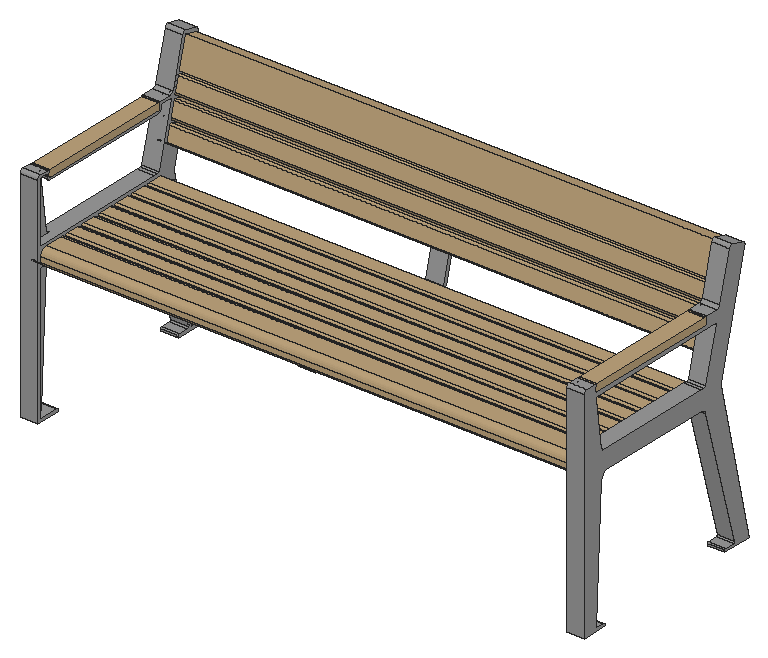
Revit family "L-FUR_벤치_DWB-210_데오스웍스", category 일반 모델, Revit 2019 (continued)
Definition of nested family "L-FUR_벤치_DWB-210_데"
  Forms (mm)
    Extrusion 26, solid, not visible
      sketch origin (-1550, 0, 0) x (0, 1, 0) y (0, 0, 1)
        loop
          arc (5843.536, -1341.304) -> (5842.657, -1339.183) -> (5840.536, -1338.304) r 3
          line (5840.536, -1338.304) -> (5456.536, -1338.304)
      from 50 to 2
    Extrusion 27, solid, not visible
      sketch origin (-1475, 764.3, -7872.567) x (0, 1, 0) y (0, 0, 1)
        loop
          arc (5440.536, -1524.304) -> (5426.394, -1530.162) -> (5420.536, -1544.304) r 20
          line (5420.536, -1544.304) -> (5420.536, -1559.304)
          arc (5420.536, -1559.304) -> (5422, -1562.84) -> (5425.536, -1564.304) r 5
          line (5425.536, -1564.304) -> (5495.536, -1564.304)
          arc (5495.536, -1564.304) -> (5499.072, -1562.84) -> (5500.536, -1559.304) r 5
          line (5500.536, -1559.304) -> (5500.536, -1529.304)
          arc (5500.536, -1529.304) -> (5499.072, -1525.769) -> (5495.536, -1524.304) r 5
          line (5495.536, -1524.304) -> (5440.536, -1524.304)
        loop
          line (5532.036, -1564.304) -> (5535.036, -1564.304) -> (5553.536, -1564.304)
          arc (5553.536, -1564.304) -> (5557.072, -1562.84) -> (5558.536, -1559.304) r 5
          line (5558.536, -1559.304) -> (5558.536, -1529.304)
          arc (5558.536, -1529.304) -> (5557.072, -1525.769) -> (5553.536, -1524.304) r 5
          line (5553.536, -1524.304) -> (5513.536, -1524.304)
          arc (5513.536, -1524.304) -> (5510, -1525.769) -> (5508.536, -1529.304) r 5
          line (5508.536, -1529.304) -> (5508.536, -1559.304)
          arc (5508.536, -1559.304) -> (5510, -1562.84) -> (5513.536, -1564.304) r 5
          line (5513.536, -1564.304) -> (5532.036, -1564.304)
        loop
          line (5590.036, -1564.304) -> (5593.036, -1564.304) -> (5611.536, -1564.304)
          arc (5611.536, -1564.304) -> (5615.072, -1562.84) -> (5616.536, -1559.304) r 5
          line (5616.536, -1559.304) -> (5616.536, -1529.304)
          arc (5616.536, -1529.304) -> (5615.072, -1525.769) -> (5611.536, -1524.304) r 5
          line (5611.536, -1524.304) -> (5571.536, -1524.304)
          arc (5571.536, -1524.304) -> (5568, -1525.769) -> (5566.536, -1529.304) r 5
          line (5566.536, -1529.304) -> (5566.536, -1559.304)
          arc (5566.536, -1559.304) -> (5568, -1562.84) -> (5571.536, -1564.304) r 5
          line (5571.536, -1564.304) -> (5590.036, -1564.304)
        loop
          line (5648.036, -1564.304) -> (5651.036, -1564.304) -> (5669.536, -1564.304)
          arc (5669.536, -1564.304) -> (5673.072, -1562.84) -> (5674.536, -1559.304) r 5
          line (5674.536, -1559.304) -> (5674.536, -1529.304)
          arc (5674.536, -1529.304) -> (5673.072, -1525.769) -> (5669.536, -1524.304) r 5
          line (5669.536, -1524.304) -> (5629.536, -1524.304)
          arc (5629.536, -1524.304) -> (5626, -1525.769) -> (5624.536, -1529.304) r 5
          line (5624.536, -1529.304) -> (5624.536, -1559.304)
          arc (5624.536, -1559.304) -> (5626, -1562.84) -> (5629.536, -1564.304) r 5
          line (5629.536, -1564.304) -> (5648.036, -1564.304)
        loop
          line (5706.036, -1564.304) -> (5709.036, -1564.304) -> (5727.536, -1564.304)
          arc (5727.536, -1564.304) -> (5731.072, -1562.84) -> (5732.536, -1559.304) r 5
          line (5732.536, -1559.304) -> (5732.536, -1529.304)
          arc (5732.536, -1529.304) -> (5731.072, -1525.769) -> (5727.536, -1524.304) r 5
          line (5727.536, -1524.304) -> (5687.536, -1524.304)
          arc (5687.536, -1524.304) -> (5684, -1525.769) -> (5682.536, -1529.304) r 5
          line (5682.536, -1529.304) -> (5682.536, -1559.304)
          arc (5682.536, -1559.304) -> (5684, -1562.84) -> (5687.536, -1564.304) r 5
          line (5687.536, -1564.304) -> (5706.036, -1564.304)
        loop
          line (5764.036, -1564.304) -> (5767.036, -1564.304) -> (5785.536, -1564.304)
          arc (5785.536, -1564.304) -> (5789.072, -1562.84) -> (5790.536, -1559.304) r 5
          line (5790.536, -1559.304) -> (5790.536, -1529.304)
          arc (5790.536, -1529.304) -> (5789.072, -1525.769) -> (5785.536, -1524.304) r 5
          line (5785.536, -1524.304) -> (5745.536, -1524.304)
          arc (5745.536, -1524.304) -> (5742, -1525.769) -> (5740.536, -1529.304) r 5
          line (5740.536, -1529.304) -> (5740.536, -1559.304)
          arc (5740.536, -1559.304) -> (5742, -1562.84) -> (5745.536, -1564.304) r 5
          line (5745.536, -1564.304) -> (5764.036, -1564.304)
        loop
          line (5822.036, -1564.304) -> (5825.036, -1564.304) -> (5843.536, -1564.304)
          arc (5843.536, -1564.304) -> (5847.072, -1562.84) -> (5848.536, -1559.304) r 5
          line (5848.536, -1559.304) -> (5848.536, -1529.304)
          arc (5848.536, -1529.304) -> (5847.072, -1525.769) -> (5843.536, -1524.304) r 5
          line (5843.536, -1524.304) -> (5803.536, -1524.304)
          arc (5803.536, -1524.304) -> (5800, -1525.769) -> (5798.536, -1529.304) r 5
          line (5798.536, -1529.304) -> (5798.536, -1559.304)
          arc (5798.536, -1559.304) -> (5800, -1562.84) -> (5803.536, -1564.304) r 5
          line (5803.536, -1564.304) -> (5822.036, -1564.304)
        loop
          line (5911.651, -1441.828) -> (5912.427, -1438.93) -> (5917.215, -1421.06)
          arc (5917.215, -1421.06) -> (5916.716, -1417.266) -> (5913.68, -1414.937) r 5
          line (5913.68, -1414.937) -> (5884.702, -1407.172)
          arc (5884.702, -1407.172) -> (5880.908, -1407.672) -> (5878.578, -1410.708) r 5
          line (5878.578, -1410.708) -> (5868.225, -1449.345)
          arc (5868.225, -1449.345) -> (5868.725, -1453.139) -> (5871.761, -1455.468) r 5
          line (5871.761, -1455.468) -> (5900.739, -1463.233)
          arc (5900.739, -1463.233) -> (5904.533, -1462.733) -> (5906.862, -1459.697) r 5
          line (5906.862, -1459.697) -> (5911.651, -1441.828)
        loop
          line (5926.662, -1385.804) -> (5927.438, -1382.906) -> (5932.227, -1365.037)
          arc (5932.227, -1365.037) -> (5931.727, -1361.243) -> (5928.691, -1358.913) r 5
          line (5928.691, -1358.913) -> (5899.713, -1351.148)
          arc (5899.713, -1351.148) -> (5895.919, -1351.648) -> (5893.59, -1354.684) r 5
          line (5893.59, -1354.684) -> (5883.237, -1393.321)
          arc (5883.237, -1393.321) -> (5883.736, -1397.115) -> (5886.772, -1399.445) r 5
          line (5886.772, -1399.445) -> (5915.75, -1407.209)
          arc (5915.75, -1407.209) -> (5919.544, -1406.71) -> (5921.874, -1403.674) r 5
          line (5921.874, -1403.674) -> (5926.662, -1385.804)
        loop
          line (5941.674, -1329.78) -> (5942.45, -1326.883) -> (5947.238, -1309.013)
          arc (5947.238, -1309.013) -> (5946.739, -1305.219) -> (5943.703, -1302.889) r 5
          line (5943.703, -1302.889) -> (5914.725, -1295.125)
          arc (5914.725, -1295.125) -> (5910.931, -1295.624) -> (5908.601, -1298.66) r 5
          line (5908.601, -1298.66) -> (5898.248, -1337.297)
          arc (5898.248, -1337.297) -> (5898.748, -1341.091) -> (5901.784, -1343.421) r 5
          line (5901.784, -1343.421) -> (5930.762, -1351.185)
          arc (5930.762, -1351.185) -> (5934.556, -1350.686) -> (5936.885, -1347.65) r 5
          line (5936.885, -1347.65) -> (5941.674, -1329.78)
      from -50 to 1500
    Extrusion 28, solid, not visible
      sketch origin (-1757.591, 6904.295, -8462.201) x (1, 0, 0) y (0, 0.258819, 0.965926)
        loop
          line (232.591, -731.755) -> (1782.591, -731.755) -> (1782.591, -641.755)
          arc (1782.591, -641.755) -> (1007.506, -611.788) -> (232.591, -645.896) r 9390
          line (232.591, -645.896) -> (232.591, -731.755)
      from 0 to 40
    Extrusion 29, solid, not visible
      sketch origin (0, 764.3, -7872.567) x (0, 1, 0) y (0, 0, 1)
        loop
          line (5413.536, -1348.304) -> (5413.536, -1966.304) -> (5483.943, -1966.304) -> (5483.943, -1961.304)
          arc (5483.943, -1961.304) -> (5483.064, -1959.183) -> (5480.943, -1958.304) r 3
          line (5480.943, -1958.304) -> (5453.943, -1958.304) -> (5472.57, -1590.288)
          arc (5472.57, -1590.288) -> (5478.766, -1576.807) -> (5492.544, -1571.304) r 20
          line (5492.544, -1571.304) -> (5825.084, -1571.304)
          arc (5825.084, -1571.304) -> (5836.369, -1574.792) -> (5843.718, -1584.038) r 20
          line (5843.718, -1584.038) -> (5947.286, -1954.214)
          arc (5947.286, -1954.214) -> (5946.968, -1956.997) -> (5944.491, -1958.304) r 3
          line (5944.491, -1958.304) -> (5915.001, -1958.304)
          arc (5915.001, -1958.304) -> (5912.879, -1959.183) -> (5912.001, -1961.304) r 3
          line (5912.001, -1961.304) -> (5912.001, -1966.304) -> (5993.536, -1966.304) -> (5895.432, -1535.512)
          arc (5895.432, -1535.512) -> (5894.963, -1532.71) -> (5895.301, -1529.889) r 10
          line (5895.301, -1529.889) -> (5978.07, -1220.994) -> (5979.105, -1217.13)
          arc (5979.105, -1217.13) -> (5978.947, -1210.378) -> (5975.167, -1204.781) r 12
          line (5975.167, -1204.781) -> (5936.746, -1194.486)
          arc (5936.746, -1194.486) -> (5931.311, -1197.231) -> (5928.17, -1202.447) r 11
          line (5928.17, -1202.447) -> (5893.753, -1330.892)
          arc (5893.753, -1330.892) -> (5890.181, -1336.238) -> (5884.094, -1338.304) r 10
          line (5884.094, -1338.304) -> (5846.536, -1338.304)
          arc (5846.536, -1338.304) -> (5844.415, -1339.183) -> (5843.536, -1341.304) r 3
          line (5843.536, -1341.304) -> (5843.536, -1353.304)
          arc (5843.536, -1353.304) -> (5842.072, -1356.84) -> (5838.536, -1358.304) r 5
          line (5838.536, -1358.304) -> (5458.536, -1358.304)
          arc (5458.536, -1358.304) -> (5455, -1356.84) -> (5453.536, -1353.304) r 5
          line (5453.536, -1353.304) -> (5453.536, -1341.304)
          arc (5453.536, -1341.304) -> (5452.657, -1339.183) -> (5450.536, -1338.304) r 3
          line (5450.536, -1338.304) -> (5423.536, -1338.304)
          arc (5423.536, -1338.304) -> (5416.465, -1341.233) -> (5413.536, -1348.304) r 10
        loop
          line (5482.428, -1518.304) -> (5828.837, -1518.304) -> (5839.699, -1518.304)
          arc (5839.699, -1518.304) -> (5842.743, -1517.271) -> (5844.529, -1514.598) r 5
          line (5844.529, -1514.598) -> (5881.774, -1375.598)
          arc (5881.774, -1375.598) -> (5880.911, -1371.26) -> (5876.944, -1369.304) r 5
          line (5876.944, -1369.304) -> (5459.276, -1369.304)
          arc (5459.276, -1369.304) -> (5455.54, -1370.982) -> (5454.311, -1374.888) r 5
          line (5454.311, -1374.888) -> (5472.519, -1509.643)
          arc (5472.519, -1509.643) -> (5475.848, -1515.834) -> (5482.428, -1518.304) r 10
      from 0 to 50
    Extrusion 30, void, not visible
      sketch origin (0, 764.3, -7872.567) x (0, 1, 0) y (0, 0, 1)
        loop
          arc (5954.683, -1954.658) -> (5956.477, -1957.29) -> (5959.496, -1958.304) r 5
          line (5959.496, -1958.304) -> (5978.252, -1958.304)
          arc (5978.252, -1958.304) -> (5982.162, -1956.421) -> (5983.126, -1952.189) r 5
          line (5983.126, -1952.189) -> (5890.805, -1546.671) -> (5889.566, -1551.292)
          arc (5889.566, -1551.292) -> (5879.923, -1565.725) -> (5863.486, -1571.304) r 27
          line (5863.486, -1571.304) -> (5843.223, -1571.304)
          arc (5843.223, -1571.304) -> (5847.426, -1576.144) -> (5850.371, -1581.838) r 27
          line (5850.371, -1581.838) -> (5954.683, -1954.658)
        loop
          line (5420.536, -1576.304) -> (5420.536, -1955.304)
          arc (5420.536, -1955.304) -> (5421.415, -1957.426) -> (5423.536, -1958.304) r 3
          line (5423.536, -1958.304) -> (5453.943, -1958.304) -> (5472.57, -1590.288)
          arc (5472.57, -1590.288) -> (5478.766, -1576.807) -> (5492.544, -1571.304) r 20
          line (5492.544, -1571.304) -> (5425.536, -1571.304)
          arc (5425.536, -1571.304) -> (5422, -1572.769) -> (5420.536, -1576.304) r 5
        loop
          arc (5420.536, -1513.304) -> (5422, -1516.84) -> (5425.536, -1518.304) r 5
          line (5425.536, -1518.304) -> (5482.428, -1518.304)
          arc (5482.428, -1518.304) -> (5475.848, -1515.834) -> (5472.519, -1509.643) r 10
          line (5472.519, -1509.643) -> (5454.311, -1374.888)
          arc (5454.311, -1374.888) -> (5455.54, -1370.982) -> (5459.276, -1369.304) r 5
          line (5459.276, -1369.304) -> (5876.944, -1369.304)
          arc (5876.944, -1369.304) -> (5880.911, -1371.26) -> (5881.774, -1375.598) r 5
          line (5881.774, -1375.598) -> (5888.473, -1350.598)
          arc (5888.473, -1350.598) -> (5887.61, -1346.26) -> (5883.643, -1344.304) r 5
          line (5883.643, -1344.304) -> (5854.536, -1344.304)
          arc (5854.536, -1344.304) -> (5851, -1345.769) -> (5849.536, -1349.304) r 5
          line (5849.536, -1349.304) -> (5849.536, -1353.304)
          arc (5849.536, -1353.304) -> (5846.314, -1361.082) -> (5838.536, -1364.304) r 11
          line (5838.536, -1364.304) -> (5458.536, -1364.304)
          arc (5458.536, -1364.304) -> (5450.758, -1361.082) -> (5447.536, -1353.304) r 11
          line (5447.536, -1353.304) -> (5447.536, -1349.304)
          arc (5447.536, -1349.304) -> (5446.072, -1345.769) -> (5442.536, -1344.304) r 5
          line (5442.536, -1344.304) -> (5425.536, -1344.304)
          arc (5425.536, -1344.304) -> (5422, -1345.769) -> (5420.536, -1349.304) r 5
          line (5420.536, -1349.304) -> (5420.536, -1513.304)
      from 0 to 25
    Extrusion 31, solid, not visible
      sketch origin (-1550, 764.3, -7872.567) x (0, 1, 0) y (0, 0, 1)
        loop
          line (5413.536, -1348.304) -> (5413.536, -1966.304) -> (5483.943, -1966.304) -> (5483.943, -1961.304)
          arc (5483.943, -1961.304) -> (5483.064, -1959.183) -> (5480.943, -1958.304) r 3
          line (5480.943, -1958.304) -> (5453.943, -1958.304) -> (5472.57, -1590.288)
          arc (5472.57, -1590.288) -> (5478.766, -1576.807) -> (5492.544, -1571.304) r 20
          line (5492.544, -1571.304) -> (5825.084, -1571.304)
          arc (5825.084, -1571.304) -> (5836.369, -1574.792) -> (5843.718, -1584.038) r 20
          line (5843.718, -1584.038) -> (5947.286, -1954.214)
          arc (5947.286, -1954.214) -> (5946.968, -1956.997) -> (5944.491, -1958.304) r 3
          line (5944.491, -1958.304) -> (5915.001, -1958.304)
          arc (5915.001, -1958.304) -> (5912.879, -1959.183) -> (5912.001, -1961.304) r 3
          line (5912.001, -1961.304) -> (5912.001, -1966.304) -> (5993.536, -1966.304) -> (5895.432, -1535.512)
          arc (5895.432, -1535.512) -> (5894.963, -1532.71) -> (5895.301, -1529.889) r 10
          line (5895.301, -1529.889) -> (5978.07, -1220.994) -> (5979.105, -1217.13)
          arc (5979.105, -1217.13) -> (5978.947, -1210.378) -> (5975.167, -1204.781) r 12
          line (5975.167, -1204.781) -> (5936.746, -1194.486)
          arc (5936.746, -1194.486) -> (5931.311, -1197.231) -> (5928.17, -1202.447) r 11
          line (5928.17, -1202.447) -> (5893.753, -1330.892)
          arc (5893.753, -1330.892) -> (5890.181, -1336.238) -> (5884.094, -1338.304) r 10
          line (5884.094, -1338.304) -> (5846.536, -1338.304)
          arc (5846.536, -1338.304) -> (5844.415, -1339.183) -> (5843.536, -1341.304) r 3
          line (5843.536, -1341.304) -> (5843.536, -1353.304)
          arc (5843.536, -1353.304) -> (5842.072, -1356.84) -> (5838.536, -1358.304) r 5
          line (5838.536, -1358.304) -> (5458.536, -1358.304)
          arc (5458.536, -1358.304) -> (5455, -1356.84) -> (5453.536, -1353.304) r 5
          line (5453.536, -1353.304) -> (5453.536, -1341.304)
          arc (5453.536, -1341.304) -> (5452.657, -1339.183) -> (5450.536, -1338.304) r 3
          line (5450.536, -1338.304) -> (5423.536, -1338.304)
          arc (5423.536, -1338.304) -> (5416.465, -1341.233) -> (5413.536, -1348.304) r 10
        loop
          line (5482.428, -1518.304) -> (5828.837, -1518.304) -> (5839.699, -1518.304)
          arc (5839.699, -1518.304) -> (5842.743, -1517.271) -> (5844.529, -1514.598) r 5
          line (5844.529, -1514.598) -> (5881.774, -1375.598)
          arc (5881.774, -1375.598) -> (5880.911, -1371.26) -> (5876.944, -1369.304) r 5
          line (5876.944, -1369.304) -> (5459.276, -1369.304)
          arc (5459.276, -1369.304) -> (5455.54, -1370.982) -> (5454.311, -1374.888) r 5
          line (5454.311, -1374.888) -> (5472.519, -1509.643)
          arc (5472.519, -1509.643) -> (5475.848, -1515.834) -> (5482.428, -1518.304) r 10
      from 0 to 50
    Extrusion 32, void, not visible
      sketch origin (0, 764.3, -7872.567) x (0, 1, 0) y (0, 0, 1)
        loop
          arc (5440.536, -1524.304) -> (5426.394, -1530.162) -> (5420.536, -1544.304) r 20
          line (5420.536, -1544.304) -> (5420.536, -1559.304)
          arc (5420.536, -1559.304) -> (5422, -1562.84) -> (5425.536, -1564.304) r 5
          line (5425.536, -1564.304) -> (5863.486, -1564.304)
          arc (5863.486, -1564.304) -> (5875.662, -1560.171) -> (5882.805, -1549.481) r 20
          line (5882.805, -1549.481) -> (5972.602, -1214.352)
          arc (5972.602, -1214.352) -> (5972.103, -1210.558) -> (5969.067, -1208.228) r 5
          line (5969.067, -1208.228) -> (5940.089, -1200.464)
          arc (5940.089, -1200.464) -> (5936.295, -1200.963) -> (5933.965, -1203.999) r 5
          line (5933.965, -1203.999) -> (5850.325, -1516.151)
          arc (5850.325, -1516.151) -> (5846.396, -1522.031) -> (5839.699, -1524.304) r 11
          line (5839.699, -1524.304) -> (5440.536, -1524.304)
      from 0 to 25
    Extrusion 33, void, not visible
      sketch origin (0, 764.3, -7872.567) x (0, 1, 0) y (0, 0, 1)
        loop
          line (5453.943, -1958.304) -> (5472.57, -1590.288)
          arc (5472.57, -1590.288) -> (5478.766, -1576.807) -> (5492.544, -1571.304) r 20
          line (5492.544, -1571.304) -> (5425.536, -1571.304)
          arc (5425.536, -1571.304) -> (5422, -1572.769) -> (5420.536, -1576.304) r 5
          line (5420.536, -1576.304) -> (5420.536, -1955.304)
          arc (5420.536, -1955.304) -> (5421.415, -1957.426) -> (5423.536, -1958.304) r 3
          line (5423.536, -1958.304) -> (5453.943, -1958.304)
        loop
          line (5983.126, -1952.189) -> (5890.805, -1546.671) -> (5889.566, -1551.292)
          arc (5889.566, -1551.292) -> (5879.923, -1565.725) -> (5863.486, -1571.304) r 27
          line (5863.486, -1571.304) -> (5843.223, -1571.304)
          arc (5843.223, -1571.304) -> (5847.426, -1576.144) -> (5850.371, -1581.838) r 27
          line (5850.371, -1581.838) -> (5954.683, -1954.658)
          arc (5954.683, -1954.658) -> (5956.477, -1957.29) -> (5959.496, -1958.304) r 5
          line (5959.496, -1958.304) -> (5978.252, -1958.304)
          arc (5978.252, -1958.304) -> (5982.162, -1956.421) -> (5983.126, -1952.189) r 5
        loop
          line (5839.699, -1524.304) -> (5440.536, -1524.304)
          arc (5440.536, -1524.304) -> (5426.394, -1530.162) -> (5420.536, -1544.304) r 20
          line (5420.536, -1544.304) -> (5420.536, -1559.304)
          arc (5420.536, -1559.304) -> (5422, -1562.84) -> (5425.536, -1564.304) r 5
          line (5425.536, -1564.304) -> (5863.486, -1564.304)
          arc (5863.486, -1564.304) -> (5875.662, -1560.171) -> (5882.805, -1549.481) r 20
          line (5882.805, -1549.481) -> (5972.602, -1214.352) -> (5973.897, -1209.523) -> (5969.067, -1208.228) -> (5940.089, -1200.464) -> (5935.259, -1199.17) -> (5850.325, -1516.151)
          arc (5850.325, -1516.151) -> (5846.396, -1522.031) -> (5839.699, -1524.304) r 11
        loop
          line (5442.536, -1344.304) -> (5425.536, -1344.304)
          arc (5425.536, -1344.304) -> (5422, -1345.769) -> (5420.536, -1349.304) r 5
          line (5420.536, -1349.304) -> (5420.536, -1513.304)
          arc (5420.536, -1513.304) -> (5422, -1516.84) -> (5425.536, -1518.304) r 5
          line (5425.536, -1518.304) -> (5482.428, -1518.304)
          arc (5482.428, -1518.304) -> (5475.848, -1515.834) -> (5472.519, -1509.643) r 10
          line (5472.519, -1509.643) -> (5454.311, -1374.888)
          arc (5454.311, -1374.888) -> (5455.54, -1370.982) -> (5459.276, -1369.304) r 5
          line (5459.276, -1369.304) -> (5876.944, -1369.304)
          arc (5876.944, -1369.304) -> (5880.911, -1371.26) -> (5881.774, -1375.598) r 5
          line (5881.774, -1375.598) -> (5888.473, -1350.598)
          arc (5888.473, -1350.598) -> (5887.61, -1346.26) -> (5883.643, -1344.304) r 5
          line (5883.643, -1344.304) -> (5854.536, -1344.304)
          arc (5854.536, -1344.304) -> (5851, -1345.769) -> (5849.536, -1349.304) r 5
          line (5849.536, -1349.304) -> (5849.536, -1353.304)
          arc (5849.536, -1353.304) -> (5846.314, -1361.082) -> (5838.536, -1364.304) r 11
          line (5838.536, -1364.304) -> (5458.536, -1364.304)
          arc (5458.536, -1364.304) -> (5450.758, -1361.082) -> (5447.536, -1353.304) r 11
          line (5447.536, -1353.304) -> (5447.536, -1349.304)
          arc (5447.536, -1349.304) -> (5446.072, -1345.769) -> (5442.536, -1344.304) r 5
      from 0 to 25
    Extrusion 34, void, not visible
      sketch origin (-1525, 764.3, -7872.567) x (0, 1, 0) y (0, 0, 1)
        loop
          arc (5954.683, -1954.658) -> (5956.477, -1957.29) -> (5959.496, -1958.304) r 5
          line (5959.496, -1958.304) -> (5978.252, -1958.304)
          arc (5978.252, -1958.304) -> (5982.162, -1956.421) -> (5983.126, -1952.189) r 5
          line (5983.126, -1952.189) -> (5890.805, -1546.671) -> (5889.566, -1551.292)
          arc (5889.566, -1551.292) -> (5879.923, -1565.725) -> (5863.486, -1571.304) r 27
          line (5863.486, -1571.304) -> (5843.223, -1571.304)
          arc (5843.223, -1571.304) -> (5847.426, -1576.144) -> (5850.371, -1581.838) r 27
          line (5850.371, -1581.838) -> (5954.683, -1954.658)
        loop
          line (5420.536, -1576.304) -> (5420.536, -1955.304)
          arc (5420.536, -1955.304) -> (5421.415, -1957.426) -> (5423.536, -1958.304) r 3
          line (5423.536, -1958.304) -> (5453.943, -1958.304) -> (5472.57, -1590.288)
          arc (5472.57, -1590.288) -> (5478.766, -1576.807) -> (5492.544, -1571.304) r 20
          line (5492.544, -1571.304) -> (5425.536, -1571.304)
          arc (5425.536, -1571.304) -> (5422, -1572.769) -> (5420.536, -1576.304) r 5
        loop
          arc (5420.536, -1513.304) -> (5422, -1516.84) -> (5425.536, -1518.304) r 5
          line (5425.536, -1518.304) -> (5482.428, -1518.304)
          arc (5482.428, -1518.304) -> (5475.848, -1515.834) -> (5472.519, -1509.643) r 10
          line (5472.519, -1509.643) -> (5454.311, -1374.888)
          arc (5454.311, -1374.888) -> (5455.54, -1370.982) -> (5459.276, -1369.304) r 5
          line (5459.276, -1369.304) -> (5876.944, -1369.304)
          arc (5876.944, -1369.304) -> (5880.911, -1371.26) -> (5881.774, -1375.598) r 5
          line (5881.774, -1375.598) -> (5888.473, -1350.598)
          arc (5888.473, -1350.598) -> (5887.61, -1346.26) -> (5883.643, -1344.304) r 5
          line (5883.643, -1344.304) -> (5854.536, -1344.304)
          arc (5854.536, -1344.304) -> (5851, -1345.769) -> (5849.536, -1349.304) r 5
          line (5849.536, -1349.304) -> (5849.536, -1353.304)
          arc (5849.536, -1353.304) -> (5846.314, -1361.082) -> (5838.536, -1364.304) r 11
          line (5838.536, -1364.304) -> (5458.536, -1364.304)
          arc (5458.536, -1364.304) -> (5450.758, -1361.082) -> (5447.536, -1353.304) r 11
          line (5447.536, -1353.304) -> (5447.536, -1349.304)
          arc (5447.536, -1349.304) -> (5446.072, -1345.769) -> (5442.536, -1344.304) r 5
          line (5442.536, -1344.304) -> (5425.536, -1344.304)
          arc (5425.536, -1344.304) -> (5422, -1345.769) -> (5420.536, -1349.304) r 5
          line (5420.536, -1349.304) -> (5420.536, -1513.304)
      from 0 to 25
    Extrusion 35, solid, not visible
      sketch origin (-774.989, 764.3, -7872.567) x (0, 1, 0) y (0, 0, 1)
        loop
          line (5433.536, -1571.304) -> (5863.486, -1571.304)
          arc (5863.486, -1571.304) -> (5879.923, -1565.725) -> (5889.566, -1551.292) r 27
          line (5889.566, -1551.292) -> (5978.07, -1220.994) -> (5971.308, -1219.182) -> (5882.805, -1549.481)
          arc (5882.805, -1549.481) -> (5875.662, -1560.171) -> (5863.486, -1564.304) r 20
          line (5863.486, -1564.304) -> (5433.536, -1564.304) -> (5430.536, -1564.304) -> (5430.536, -1571.304) -> (5433.536, -1571.304)
      from 0 to 50
    Extrusion 36, solid, not visible
      sketch origin (0, 764.3, -7872.567) x (0, 1, 0) y (0, 0, 1)
        loop
          arc (5456.536, -1338.304) -> (5454.415, -1339.183) -> (5453.536, -1341.304) r 3
          line (5453.536, -1341.304) -> (5453.536, -1353.304)
          arc (5453.536, -1353.304) -> (5455, -1356.84) -> (5458.536, -1358.304) r 5
          line (5458.536, -1358.304) -> (5838.536, -1358.304)
          arc (5838.536, -1358.304) -> (5842.072, -1356.84) -> (5843.536, -1353.304) r 5
          line (5843.536, -1353.304) -> (5843.536, -1341.304)
          arc (5843.536, -1341.304) -> (5842.657, -1339.183) -> (5840.536, -1338.304) r 3
          line (5840.536, -1338.304) -> (5456.536, -1338.304)
      from 50 to 2
    Extrusion 37, solid, not visible
      sketch origin (-1550, 764.3, -7872.567) x (0, 1, 0) y (0, 0, 1)
        loop
          arc (5456.536, -1338.304) -> (5454.415, -1339.183) -> (5453.536, -1341.304) r 3
          line (5453.536, -1341.304) -> (5453.536, -1353.304)
          arc (5453.536, -1353.304) -> (5455, -1356.84) -> (5458.536, -1358.304) r 5
          line (5458.536, -1358.304) -> (5838.536, -1358.304)
          arc (5838.536, -1358.304) -> (5842.072, -1356.84) -> (5843.536, -1353.304) r 5
          line (5843.536, -1353.304) -> (5843.536, -1341.304)
          arc (5843.536, -1341.304) -> (5842.657, -1339.183) -> (5840.536, -1338.304) r 3
          line (5840.536, -1338.304) -> (5456.536, -1338.304)
      from 50 to 2
    Extrusion 38, solid
      sketch origin (-25, -6010.707, 1957.261) x (0, 1, 0) y (0, 0, 1)
        loop
          line (5413.536, -1348.304) -> (5413.536, -1966.304) -> (5483.943, -1966.304) -> (5483.943, -1961.304)
          arc (5483.943, -1961.304) -> (5483.064, -1959.183) -> (5480.943, -1958.304) r 3
          line (5480.943, -1958.304) -> (5453.943, -1958.304) -> (5472.57, -1590.288)
          arc (5472.57, -1590.288) -> (5478.766, -1576.807) -> (5492.544, -1571.304) r 20
          line (5492.544, -1571.304) -> (5825.084, -1571.304)
          arc (5825.084, -1571.304) -> (5836.369, -1574.792) -> (5843.718, -1584.038) r 20
          line (5843.718, -1584.038) -> (5947.286, -1954.214)
          arc (5947.286, -1954.214) -> (5946.968, -1956.997) -> (5944.491, -1958.304) r 3
          line (5944.491, -1958.304) -> (5915.001, -1958.304)
          arc (5915.001, -1958.304) -> (5912.879, -1959.183) -> (5912.001, -1961.304) r 3
          line (5912.001, -1961.304) -> (5912.001, -1966.304) -> (5993.536, -1966.304) -> (5895.432, -1535.512)
          arc (5895.432, -1535.512) -> (5894.963, -1532.71) -> (5895.301, -1529.889) r 10
          line (5895.301, -1529.889) -> (5978.07, -1220.994) -> (5979.105, -1217.13)
          arc (5979.105, -1217.13) -> (5978.947, -1210.378) -> (5975.167, -1204.781) r 12
          line (5975.167, -1204.781) -> (5936.746, -1194.486)
          arc (5936.746, -1194.486) -> (5931.311, -1197.231) -> (5928.17, -1202.447) r 11
          line (5928.17, -1202.447) -> (5893.753, -1330.892)
          arc (5893.753, -1330.892) -> (5890.181, -1336.238) -> (5884.094, -1338.304) r 10
          line (5884.094, -1338.304) -> (5846.536, -1338.304)
          arc (5846.536, -1338.304) -> (5844.415, -1339.183) -> (5843.536, -1341.304) r 3
          line (5843.536, -1341.304) -> (5843.536, -1353.304)
          arc (5843.536, -1353.304) -> (5842.072, -1356.84) -> (5838.536, -1358.304) r 5
          line (5838.536, -1358.304) -> (5458.536, -1358.304)
          arc (5458.536, -1358.304) -> (5455, -1356.84) -> (5453.536, -1353.304) r 5
          line (5453.536, -1353.304) -> (5453.536, -1341.304)
          arc (5453.536, -1341.304) -> (5452.657, -1339.183) -> (5450.536, -1338.304) r 3
          line (5450.536, -1338.304) -> (5423.536, -1338.304)
          arc (5423.536, -1338.304) -> (5416.465, -1341.233) -> (5413.536, -1348.304) r 10
        loop
          line (5482.428, -1518.304) -> (5828.837, -1518.304) -> (5839.699, -1518.304)
          arc (5839.699, -1518.304) -> (5842.743, -1517.271) -> (5844.529, -1514.598) r 5
          line (5844.529, -1514.598) -> (5881.774, -1375.598)
          arc (5881.774, -1375.598) -> (5880.911, -1371.26) -> (5876.944, -1369.304) r 5
          line (5876.944, -1369.304) -> (5459.276, -1369.304)
          arc (5459.276, -1369.304) -> (5455.54, -1370.982) -> (5454.311, -1374.888) r 5
          line (5454.311, -1374.888) -> (5472.519, -1509.643)
          arc (5472.519, -1509.643) -> (5475.848, -1515.834) -> (5482.428, -1518.304) r 10
      from 0 to 50
    Extrusion 39, solid
      sketch origin (-25, -6010.707, 1957.261) x (0, 1, 0) y (0, 0, 1)
        loop
          arc (5456.536, -1338.304) -> (5454.415, -1339.183) -> (5453.536, -1341.304) r 3
          line (5453.536, -1341.304) -> (5453.536, -1353.304)
          arc (5453.536, -1353.304) -> (5455, -1356.84) -> (5458.536, -1358.304) r 5
          line (5458.536, -1358.304) -> (5838.536, -1358.304)
          arc (5838.536, -1358.304) -> (5842.072, -1356.84) -> (5843.536, -1353.304) r 5
          line (5843.536, -1353.304) -> (5843.536, -1341.304)
          arc (5843.536, -1341.304) -> (5842.657, -1339.183) -> (5840.536, -1338.304) r 3
          line (5840.536, -1338.304) -> (5456.536, -1338.304)
      from 50 to 2
    Extrusion 40, void
      sketch origin (-25, -6010.707, 1957.261) x (0, 1, 0) y (0, 0, 1)
        loop
          line (5453.943, -1958.304) -> (5472.57, -1590.288)
          arc (5472.57, -1590.288) -> (5478.766, -1576.807) -> (5492.544, -1571.304) r 20
          line (5492.544, -1571.304) -> (5425.536, -1571.304)
          arc (5425.536, -1571.304) -> (5422, -1572.769) -> (5420.536, -1576.304) r 5
          line (5420.536, -1576.304) -> (5420.536, -1955.304)
          arc (5420.536, -1955.304) -> (5421.415, -1957.426) -> (5423.536, -1958.304) r 3
          line (5423.536, -1958.304) -> (5453.943, -1958.304)
        loop
          line (5983.126, -1952.189) -> (5890.805, -1546.671) -> (5889.566, -1551.292)
          arc (5889.566, -1551.292) -> (5879.923, -1565.725) -> (5863.486, -1571.304) r 27
          line (5863.486, -1571.304) -> (5843.223, -1571.304)
          arc (5843.223, -1571.304) -> (5847.426, -1576.144) -> (5850.371, -1581.838) r 27
          line (5850.371, -1581.838) -> (5954.683, -1954.658)
          arc (5954.683, -1954.658) -> (5956.477, -1957.29) -> (5959.496, -1958.304) r 5
          line (5959.496, -1958.304) -> (5978.252, -1958.304)
          arc (5978.252, -1958.304) -> (5982.162, -1956.421) -> (5983.126, -1952.189) r 5
        loop
          line (5839.699, -1524.304) -> (5440.536, -1524.304)
          arc (5440.536, -1524.304) -> (5426.394, -1530.162) -> (5420.536, -1544.304) r 20
          line (5420.536, -1544.304) -> (5420.536, -1559.304)
          arc (5420.536, -1559.304) -> (5422, -1562.84) -> (5425.536, -1564.304) r 5
          line (5425.536, -1564.304) -> (5863.486, -1564.304)
          arc (5863.486, -1564.304) -> (5875.662, -1560.171) -> (5882.805, -1549.481) r 20
          line (5882.805, -1549.481) -> (5972.602, -1214.352) -> (5973.897, -1209.523) -> (5969.067, -1208.228) -> (5940.089, -1200.464) -> (5935.259, -1199.17) -> (5850.325, -1516.151)
          arc (5850.325, -1516.151) -> (5846.396, -1522.031) -> (5839.699, -1524.304) r 11
        loop
          line (5442.536, -1344.304) -> (5425.536, -1344.304)
          arc (5425.536, -1344.304) -> (5422, -1345.769) -> (5420.536, -1349.304) r 5
          line (5420.536, -1349.304) -> (5420.536, -1513.304)
          arc (5420.536, -1513.304) -> (5422, -1516.84) -> (5425.536, -1518.304) r 5
          line (5425.536, -1518.304) -> (5482.428, -1518.304)
          arc (5482.428, -1518.304) -> (5475.848, -1515.834) -> (5472.519, -1509.643) r 10
          line (5472.519, -1509.643) -> (5454.311, -1374.888)
          arc (5454.311, -1374.888) -> (5455.54, -1370.982) -> (5459.276, -1369.304) r 5
          line (5459.276, -1369.304) -> (5876.944, -1369.304)
          arc (5876.944, -1369.304) -> (5880.911, -1371.26) -> (5881.774, -1375.598) r 5
          line (5881.774, -1375.598) -> (5888.473, -1350.598)
          arc (5888.473, -1350.598) -> (5887.61, -1346.26) -> (5883.643, -1344.304) r 5
          line (5883.643, -1344.304) -> (5854.536, -1344.304)
          arc (5854.536, -1344.304) -> (5851, -1345.769) -> (5849.536, -1349.304) r 5
          line (5849.536, -1349.304) -> (5849.536, -1353.304)
          arc (5849.536, -1353.304) -> (5846.314, -1361.082) -> (5838.536, -1364.304) r 11
          line (5838.536, -1364.304) -> (5458.536, -1364.304)
          arc (5458.536, -1364.304) -> (5450.758, -1361.082) -> (5447.536, -1353.304) r 11
          line (5447.536, -1353.304) -> (5447.536, -1349.304)
          arc (5447.536, -1349.304) -> (5446.072, -1345.769) -> (5442.536, -1344.304) r 5
      from 0 to 25
    Extrusion 41, solid, not visible
      sketch origin (-1500, -6010.707, 1957.261) x (0, 1, 0) y (0, 0, 1)
        loop
          arc (5440.536, -1524.304) -> (5426.394, -1530.162) -> (5420.536, -1544.304) r 20
          line (5420.536, -1544.304) -> (5420.536, -1559.304)
          arc (5420.536, -1559.304) -> (5422, -1562.84) -> (5425.536, -1564.304) r 5
          line (5425.536, -1564.304) -> (5495.536, -1564.304)
          arc (5495.536, -1564.304) -> (5499.072, -1562.84) -> (5500.536, -1559.304) r 5
          line (5500.536, -1559.304) -> (5500.536, -1529.304)
          arc (5500.536, -1529.304) -> (5499.072, -1525.769) -> (5495.536, -1524.304) r 5
          line (5495.536, -1524.304) -> (5440.536, -1524.304)
        loop
          line (5532.036, -1564.304) -> (5535.036, -1564.304) -> (5553.536, -1564.304)
          arc (5553.536, -1564.304) -> (5557.072, -1562.84) -> (5558.536, -1559.304) r 5
          line (5558.536, -1559.304) -> (5558.536, -1529.304)
          arc (5558.536, -1529.304) -> (5557.072, -1525.769) -> (5553.536, -1524.304) r 5
          line (5553.536, -1524.304) -> (5513.536, -1524.304)
          arc (5513.536, -1524.304) -> (5510, -1525.769) -> (5508.536, -1529.304) r 5
          line (5508.536, -1529.304) -> (5508.536, -1559.304)
          arc (5508.536, -1559.304) -> (5510, -1562.84) -> (5513.536, -1564.304) r 5
          line (5513.536, -1564.304) -> (5532.036, -1564.304)
        loop
          line (5590.036, -1564.304) -> (5593.036, -1564.304) -> (5611.536, -1564.304)
          arc (5611.536, -1564.304) -> (5615.072, -1562.84) -> (5616.536, -1559.304) r 5
          line (5616.536, -1559.304) -> (5616.536, -1529.304)
          arc (5616.536, -1529.304) -> (5615.072, -1525.769) -> (5611.536, -1524.304) r 5
          line (5611.536, -1524.304) -> (5571.536, -1524.304)
          arc (5571.536, -1524.304) -> (5568, -1525.769) -> (5566.536, -1529.304) r 5
          line (5566.536, -1529.304) -> (5566.536, -1559.304)
          arc (5566.536, -1559.304) -> (5568, -1562.84) -> (5571.536, -1564.304) r 5
          line (5571.536, -1564.304) -> (5590.036, -1564.304)
        loop
          line (5648.036, -1564.304) -> (5651.036, -1564.304) -> (5669.536, -1564.304)
          arc (5669.536, -1564.304) -> (5673.072, -1562.84) -> (5674.536, -1559.304) r 5
          line (5674.536, -1559.304) -> (5674.536, -1529.304)
          arc (5674.536, -1529.304) -> (5673.072, -1525.769) -> (5669.536, -1524.304) r 5
          line (5669.536, -1524.304) -> (5629.536, -1524.304)
          arc (5629.536, -1524.304) -> (5626, -1525.769) -> (5624.536, -1529.304) r 5
          line (5624.536, -1529.304) -> (5624.536, -1559.304)
          arc (5624.536, -1559.304) -> (5626, -1562.84) -> (5629.536, -1564.304) r 5
          line (5629.536, -1564.304) -> (5648.036, -1564.304)
        loop
          line (5706.036, -1564.304) -> (5709.036, -1564.304) -> (5727.536, -1564.304)
          arc (5727.536, -1564.304) -> (5731.072, -1562.84) -> (5732.536, -1559.304) r 5
          line (5732.536, -1559.304) -> (5732.536, -1529.304)
          arc (5732.536, -1529.304) -> (5731.072, -1525.769) -> (5727.536, -1524.304) r 5
          line (5727.536, -1524.304) -> (5687.536, -1524.304)
          arc (5687.536, -1524.304) -> (5684, -1525.769) -> (5682.536, -1529.304) r 5
          line (5682.536, -1529.304) -> (5682.536, -1559.304)
          arc (5682.536, -1559.304) -> (5684, -1562.84) -> (5687.536, -1564.304) r 5
          line (5687.536, -1564.304) -> (5706.036, -1564.304)
        loop
          line (5764.036, -1564.304) -> (5767.036, -1564.304) -> (5785.536, -1564.304)
          arc (5785.536, -1564.304) -> (5789.072, -1562.84) -> (5790.536, -1559.304) r 5
          line (5790.536, -1559.304) -> (5790.536, -1529.304)
          arc (5790.536, -1529.304) -> (5789.072, -1525.769) -> (5785.536, -1524.304) r 5
          line (5785.536, -1524.304) -> (5745.536, -1524.304)
          arc (5745.536, -1524.304) -> (5742, -1525.769) -> (5740.536, -1529.304) r 5
          line (5740.536, -1529.304) -> (5740.536, -1559.304)
          arc (5740.536, -1559.304) -> (5742, -1562.84) -> (5745.536, -1564.304) r 5
          line (5745.536, -1564.304) -> (5764.036, -1564.304)
        loop
          line (5822.036, -1564.304) -> (5825.036, -1564.304) -> (5843.536, -1564.304)
          arc (5843.536, -1564.304) -> (5847.072, -1562.84) -> (5848.536, -1559.304) r 5
          line (5848.536, -1559.304) -> (5848.536, -1529.304)
          arc (5848.536, -1529.304) -> (5847.072, -1525.769) -> (5843.536, -1524.304) r 5
          line (5843.536, -1524.304) -> (5803.536, -1524.304)
          arc (5803.536, -1524.304) -> (5800, -1525.769) -> (5798.536, -1529.304) r 5
          line (5798.536, -1529.304) -> (5798.536, -1559.304)
          arc (5798.536, -1559.304) -> (5800, -1562.84) -> (5803.536, -1564.304) r 5
          line (5803.536, -1564.304) -> (5822.036, -1564.304)
        loop
          line (5911.651, -1441.828) -> (5912.427, -1438.93) -> (5917.215, -1421.06)
          arc (5917.215, -1421.06) -> (5916.716, -1417.266) -> (5913.68, -1414.937) r 5
          line (5913.68, -1414.937) -> (5884.702, -1407.172)
          arc (5884.702, -1407.172) -> (5880.908, -1407.672) -> (5878.578, -1410.708) r 5
          line (5878.578, -1410.708) -> (5868.225, -1449.345)
          arc (5868.225, -1449.345) -> (5868.725, -1453.139) -> (5871.761, -1455.468) r 5
          line (5871.761, -1455.468) -> (5900.739, -1463.233)
          arc (5900.739, -1463.233) -> (5904.533, -1462.733) -> (5906.862, -1459.697) r 5
          line (5906.862, -1459.697) -> (5911.651, -1441.828)
        loop
          line (5926.662, -1385.804) -> (5927.438, -1382.906) -> (5932.227, -1365.037)
          arc (5932.227, -1365.037) -> (5931.727, -1361.243) -> (5928.691, -1358.913) r 5
          line (5928.691, -1358.913) -> (5899.713, -1351.148)
          arc (5899.713, -1351.148) -> (5895.919, -1351.648) -> (5893.59, -1354.684) r 5
          line (5893.59, -1354.684) -> (5883.237, -1393.321)
          arc (5883.237, -1393.321) -> (5883.736, -1397.115) -> (5886.772, -1399.445) r 5
          line (5886.772, -1399.445) -> (5915.75, -1407.209)
          arc (5915.75, -1407.209) -> (5919.544, -1406.71) -> (5921.874, -1403.674) r 5
          line (5921.874, -1403.674) -> (5926.662, -1385.804)
        loop
          line (5941.674, -1329.78) -> (5942.45, -1326.883) -> (5947.238, -1309.013)
          arc (5947.238, -1309.013) -> (5946.739, -1305.219) -> (5943.703, -1302.889) r 5
          line (5943.703, -1302.889) -> (5914.725, -1295.125)
          arc (5914.725, -1295.125) -> (5910.931, -1295.624) -> (5908.601, -1298.66) r 5
          line (5908.601, -1298.66) -> (5898.248, -1337.297)
          arc (5898.248, -1337.297) -> (5898.748, -1341.091) -> (5901.784, -1343.421) r 5
          line (5901.784, -1343.421) -> (5930.762, -1351.185)
          arc (5930.762, -1351.185) -> (5934.556, -1350.686) -> (5936.885, -1347.65) r 5
          line (5936.885, -1347.65) -> (5941.674, -1329.78)
      from -50 to 1500
    Extrusion 42, solid, not visible
      sketch origin (-1782.591, 129.288, 1367.626) x (1, 0, 0) y (0, 0.258819, 0.965926)
        loop
          line (232.591, -731.755) -> (1782.591, -731.755) -> (1782.591, -641.755)
          arc (1782.591, -641.755) -> (1007.506, -611.788) -> (232.591, -645.896) r 9390
          line (232.591, -645.896) -> (232.591, -731.755)
      from 0 to 40
    Extrusion 43, void, not visible
      sketch origin (0, -6010.707, 1957.261) x (0, 1, 0) y (0, 0, 1)
        loop
          arc (5954.683, -1954.658) -> (5956.477, -1957.29) -> (5959.496, -1958.304) r 5
          line (5959.496, -1958.304) -> (5978.252, -1958.304)
          arc (5978.252, -1958.304) -> (5982.162, -1956.421) -> (5983.126, -1952.189) r 5
          line (5983.126, -1952.189) -> (5890.805, -1546.671) -> (5889.566, -1551.292)
          arc (5889.566, -1551.292) -> (5879.923, -1565.725) -> (5863.486, -1571.304) r 27
          line (5863.486, -1571.304) -> (5843.223, -1571.304)
          arc (5843.223, -1571.304) -> (5847.426, -1576.144) -> (5850.371, -1581.838) r 27
          line (5850.371, -1581.838) -> (5954.683, -1954.658)
        loop
          line (5420.536, -1576.304) -> (5420.536, -1955.304)
          arc (5420.536, -1955.304) -> (5421.415, -1957.426) -> (5423.536, -1958.304) r 3
          line (5423.536, -1958.304) -> (5453.943, -1958.304) -> (5472.57, -1590.288)
          arc (5472.57, -1590.288) -> (5478.766, -1576.807) -> (5492.544, -1571.304) r 20
          line (5492.544, -1571.304) -> (5425.536, -1571.304)
          arc (5425.536, -1571.304) -> (5422, -1572.769) -> (5420.536, -1576.304) r 5
        loop
          arc (5420.536, -1513.304) -> (5422, -1516.84) -> (5425.536, -1518.304) r 5
          line (5425.536, -1518.304) -> (5482.428, -1518.304)
          arc (5482.428, -1518.304) -> (5475.848, -1515.834) -> (5472.519, -1509.643) r 10
          line (5472.519, -1509.643) -> (5454.311, -1374.888)
          arc (5454.311, -1374.888) -> (5455.54, -1370.982) -> (5459.276, -1369.304) r 5
          line (5459.276, -1369.304) -> (5876.944, -1369.304)
          arc (5876.944, -1369.304) -> (5880.911, -1371.26) -> (5881.774, -1375.598) r 5
          line (5881.774, -1375.598) -> (5888.473, -1350.598)
          arc (5888.473, -1350.598) -> (5887.61, -1346.26) -> (5883.643, -1344.304) r 5
          line (5883.643, -1344.304) -> (5854.536, -1344.304)
          arc (5854.536, -1344.304) -> (5851, -1345.769) -> (5849.536, -1349.304) r 5
          line (5849.536, -1349.304) -> (5849.536, -1353.304)
          arc (5849.536, -1353.304) -> (5846.314, -1361.082) -> (5838.536, -1364.304) r 11
          line (5838.536, -1364.304) -> (5458.536, -1364.304)
          arc (5458.536, -1364.304) -> (5450.758, -1361.082) -> (5447.536, -1353.304) r 11
          line (5447.536, -1353.304) -> (5447.536, -1349.304)
          arc (5447.536, -1349.304) -> (5446.072, -1345.769) -> (5442.536, -1344.304) r 5
          line (5442.536, -1344.304) -> (5425.536, -1344.304)
          arc (5425.536, -1344.304) -> (5422, -1345.769) -> (5420.536, -1349.304) r 5
          line (5420.536, -1349.304) -> (5420.536, -1513.304)
      from 0 to 25
    Extrusion 44, solid, not visible
      sketch origin (-1575, -6010.707, 1957.261) x (0, 1, 0) y (0, 0, 1)
        loop
          line (5413.536, -1348.304) -> (5413.536, -1966.304) -> (5483.943, -1966.304) -> (5483.943, -1961.304)
          arc (5483.943, -1961.304) -> (5483.064, -1959.183) -> (5480.943, -1958.304) r 3
          line (5480.943, -1958.304) -> (5453.943, -1958.304) -> (5472.57, -1590.288)
          arc (5472.57, -1590.288) -> (5478.766, -1576.807) -> (5492.544, -1571.304) r 20
          line (5492.544, -1571.304) -> (5825.084, -1571.304)
          arc (5825.084, -1571.304) -> (5836.369, -1574.792) -> (5843.718, -1584.038) r 20
          line (5843.718, -1584.038) -> (5947.286, -1954.214)
          arc (5947.286, -1954.214) -> (5946.968, -1956.997) -> (5944.491, -1958.304) r 3
          line (5944.491, -1958.304) -> (5915.001, -1958.304)
          arc (5915.001, -1958.304) -> (5912.879, -1959.183) -> (5912.001, -1961.304) r 3
          line (5912.001, -1961.304) -> (5912.001, -1966.304) -> (5993.536, -1966.304) -> (5895.432, -1535.512)
          arc (5895.432, -1535.512) -> (5894.963, -1532.71) -> (5895.301, -1529.889) r 10
          line (5895.301, -1529.889) -> (5978.07, -1220.994) -> (5979.105, -1217.13)
          arc (5979.105, -1217.13) -> (5978.947, -1210.378) -> (5975.167, -1204.781) r 12
          line (5975.167, -1204.781) -> (5936.746, -1194.486)
          arc (5936.746, -1194.486) -> (5931.311, -1197.231) -> (5928.17, -1202.447) r 11
          line (5928.17, -1202.447) -> (5893.753, -1330.892)
          arc (5893.753, -1330.892) -> (5890.181, -1336.238) -> (5884.094, -1338.304) r 10
          line (5884.094, -1338.304) -> (5846.536, -1338.304)
          arc (5846.536, -1338.304) -> (5844.415, -1339.183) -> (5843.536, -1341.304) r 3
          line (5843.536, -1341.304) -> (5843.536, -1353.304)
          arc (5843.536, -1353.304) -> (5842.072, -1356.84) -> (5838.536, -1358.304) r 5
          line (5838.536, -1358.304) -> (5458.536, -1358.304)
          arc (5458.536, -1358.304) -> (5455, -1356.84) -> (5453.536, -1353.304) r 5
          line (5453.536, -1353.304) -> (5453.536, -1341.304)
          arc (5453.536, -1341.304) -> (5452.657, -1339.183) -> (5450.536, -1338.304) r 3
          line (5450.536, -1338.304) -> (5423.536, -1338.304)
          arc (5423.536, -1338.304) -> (5416.465, -1341.233) -> (5413.536, -1348.304) r 10
        loop
          line (5482.428, -1518.304) -> (5828.837, -1518.304) -> (5839.699, -1518.304)
          arc (5839.699, -1518.304) -> (5842.743, -1517.271) -> (5844.529, -1514.598) r 5
          line (5844.529, -1514.598) -> (5881.774, -1375.598)
          arc (5881.774, -1375.598) -> (5880.911, -1371.26) -> (5876.944, -1369.304) r 5
          line (5876.944, -1369.304) -> (5459.276, -1369.304)
          arc (5459.276, -1369.304) -> (5455.54, -1370.982) -> (5454.311, -1374.888) r 5
          line (5454.311, -1374.888) -> (5472.519, -1509.643)
          arc (5472.519, -1509.643) -> (5475.848, -1515.834) -> (5482.428, -1518.304) r 10
      from 0 to 50
    Extrusion 45, void, not visible
      sketch origin (0, -6010.707, 1957.261) x (0, 1, 0) y (0, 0, 1)
        loop
          arc (5440.536, -1524.304) -> (5426.394, -1530.162) -> (5420.536, -1544.304) r 20
          line (5420.536, -1544.304) -> (5420.536, -1559.304)
          arc (5420.536, -1559.304) -> (5422, -1562.84) -> (5425.536, -1564.304) r 5
          line (5425.536, -1564.304) -> (5863.486, -1564.304)
          arc (5863.486, -1564.304) -> (5875.662, -1560.171) -> (5882.805, -1549.481) r 20
          line (5882.805, -1549.481) -> (5972.602, -1214.352)
          arc (5972.602, -1214.352) -> (5972.103, -1210.558) -> (5969.067, -1208.228) r 5
          line (5969.067, -1208.228) -> (5940.089, -1200.464)
          arc (5940.089, -1200.464) -> (5936.295, -1200.963) -> (5933.965, -1203.999) r 5
          line (5933.965, -1203.999) -> (5850.325, -1516.151)
          arc (5850.325, -1516.151) -> (5846.396, -1522.031) -> (5839.699, -1524.304) r 11
          line (5839.699, -1524.304) -> (5440.536, -1524.304)
      from 0 to 25
    Extrusion 46, void, not visible
      sketch origin (-1550, -6010.707, 1957.261) x (0, 1, 0) y (0, 0, 1)
        loop
          arc (5954.683, -1954.658) -> (5956.477, -1957.29) -> (5959.496, -1958.304) r 5
          line (5959.496, -1958.304) -> (5978.252, -1958.304)
          arc (5978.252, -1958.304) -> (5982.162, -1956.421) -> (5983.126, -1952.189) r 5
          line (5983.126, -1952.189) -> (5890.805, -1546.671) -> (5889.566, -1551.292)
          arc (5889.566, -1551.292) -> (5879.923, -1565.725) -> (5863.486, -1571.304) r 27
          line (5863.486, -1571.304) -> (5843.223, -1571.304)
          arc (5843.223, -1571.304) -> (5847.426, -1576.144) -> (5850.371, -1581.838) r 27
          line (5850.371, -1581.838) -> (5954.683, -1954.658)
        loop
          line (5420.536, -1576.304) -> (5420.536, -1955.304)
          arc (5420.536, -1955.304) -> (5421.415, -1957.426) -> (5423.536, -1958.304) r 3
          line (5423.536, -1958.304) -> (5453.943, -1958.304) -> (5472.57, -1590.288)
          arc (5472.57, -1590.288) -> (5478.766, -1576.807) -> (5492.544, -1571.304) r 20
          line (5492.544, -1571.304) -> (5425.536, -1571.304)
          arc (5425.536, -1571.304) -> (5422, -1572.769) -> (5420.536, -1576.304) r 5
        loop
          arc (5420.536, -1513.304) -> (5422, -1516.84) -> (5425.536, -1518.304) r 5
          line (5425.536, -1518.304) -> (5482.428, -1518.304)
          arc (5482.428, -1518.304) -> (5475.848, -1515.834) -> (5472.519, -1509.643) r 10
          line (5472.519, -1509.643) -> (5454.311, -1374.888)
          arc (5454.311, -1374.888) -> (5455.54, -1370.982) -> (5459.276, -1369.304) r 5
          line (5459.276, -1369.304) -> (5876.944, -1369.304)
          arc (5876.944, -1369.304) -> (5880.911, -1371.26) -> (5881.774, -1375.598) r 5
          line (5881.774, -1375.598) -> (5888.473, -1350.598)
          arc (5888.473, -1350.598) -> (5887.61, -1346.26) -> (5883.643, -1344.304) r 5
          line (5883.643, -1344.304) -> (5854.536, -1344.304)
          arc (5854.536, -1344.304) -> (5851, -1345.769) -> (5849.536, -1349.304) r 5
          line (5849.536, -1349.304) -> (5849.536, -1353.304)
          arc (5849.536, -1353.304) -> (5846.314, -1361.082) -> (5838.536, -1364.304) r 11
          line (5838.536, -1364.304) -> (5458.536, -1364.304)
          arc (5458.536, -1364.304) -> (5450.758, -1361.082) -> (5447.536, -1353.304) r 11
          line (5447.536, -1353.304) -> (5447.536, -1349.304)
          arc (5447.536, -1349.304) -> (5446.072, -1345.769) -> (5442.536, -1344.304) r 5
          line (5442.536, -1344.304) -> (5425.536, -1344.304)
          arc (5425.536, -1344.304) -> (5422, -1345.769) -> (5420.536, -1349.304) r 5
          line (5420.536, -1349.304) -> (5420.536, -1513.304)
      from 0 to 25
    Extrusion 47, solid, not visible
      sketch origin (-799.989, -6010.707, 1957.261) x (0, 1, 0) y (0, 0, 1)
        loop
          line (5433.536, -1571.304) -> (5863.486, -1571.304)
          arc (5863.486, -1571.304) -> (5879.923, -1565.725) -> (5889.566, -1551.292) r 27
          line (5889.566, -1551.292) -> (5978.07, -1220.994) -> (5971.308, -1219.182) -> (5882.805, -1549.481)
          arc (5882.805, -1549.481) -> (5875.662, -1560.171) -> (5863.486, -1564.304) r 20
          line (5863.486, -1564.304) -> (5433.536, -1564.304) -> (5430.536, -1564.304) -> (5430.536, -1571.304) -> (5433.536, -1571.304)
      from 0 to 50
    Extrusion 48, solid, not visible
      sketch origin (-1575, -6010.707, 1957.261) x (0, 1, 0) y (0, 0, 1)
        loop
          arc (5456.536, -1338.304) -> (5454.415, -1339.183) -> (5453.536, -1341.304) r 3
          line (5453.536, -1341.304) -> (5453.536, -1353.304)
          arc (5453.536, -1353.304) -> (5455, -1356.84) -> (5458.536, -1358.304) r 5
          line (5458.536, -1358.304) -> (5838.536, -1358.304)
          arc (5838.536, -1358.304) -> (5842.072, -1356.84) -> (5843.536, -1353.304) r 5
          line (5843.536, -1353.304) -> (5843.536, -1341.304)
          arc (5843.536, -1341.304) -> (5842.657, -1339.183) -> (5840.536, -1338.304) r 3
          line (5840.536, -1338.304) -> (5456.536, -1338.304)
      from 50 to 2
    Extrusion 49, solid, not visible
      sketch origin (-25, -6010.707, 1957.261) x (0, 1, 0) y (0, 0, 1)
        loop
          line (5413.536, -1348.304) -> (5413.536, -1966.304) -> (5483.943, -1966.304) -> (5483.943, -1961.304)
          arc (5483.943, -1961.304) -> (5483.064, -1959.183) -> (5480.943, -1958.304) r 3
          line (5480.943, -1958.304) -> (5453.943, -1958.304) -> (5472.57, -1590.288)
          arc (5472.57, -1590.288) -> (5478.766, -1576.807) -> (5492.544, -1571.304) r 20
          line (5492.544, -1571.304) -> (5825.084, -1571.304)
          arc (5825.084, -1571.304) -> (5836.369, -1574.792) -> (5843.718, -1584.038) r 20
          line (5843.718, -1584.038) -> (5947.286, -1954.214)
          arc (5947.286, -1954.214) -> (5946.968, -1956.997) -> (5944.491, -1958.304) r 3
          line (5944.491, -1958.304) -> (5915.001, -1958.304)
          arc (5915.001, -1958.304) -> (5912.879, -1959.183) -> (5912.001, -1961.304) r 3
          line (5912.001, -1961.304) -> (5912.001, -1966.304) -> (5993.536, -1966.304) -> (5895.432, -1535.512)
          arc (5895.432, -1535.512) -> (5894.963, -1532.71) -> (5895.301, -1529.889) r 10
          line (5895.301, -1529.889) -> (5978.07, -1220.994) -> (5979.105, -1217.13)
          arc (5979.105, -1217.13) -> (5978.947, -1210.378) -> (5975.167, -1204.781) r 12
          line (5975.167, -1204.781) -> (5936.746, -1194.486)
          arc (5936.746, -1194.486) -> (5931.311, -1197.231) -> (5928.17, -1202.447) r 11
          line (5928.17, -1202.447) -> (5893.753, -1330.892)
          arc (5893.753, -1330.892) -> (5890.181, -1336.238) -> (5884.094, -1338.304) r 10
          line (5884.094, -1338.304) -> (5846.536, -1338.304)
          arc (5846.536, -1338.304) -> (5844.415, -1339.183) -> (5843.536, -1341.304) r 3
          line (5843.536, -1341.304) -> (5843.536, -1353.304)
          arc (5843.536, -1353.304) -> (5842.072, -1356.84) -> (5838.536, -1358.304) r 5
          line (5838.536, -1358.304) -> (5458.536, -1358.304)
          arc (5458.536, -1358.304) -> (5455, -1356.84) -> (5453.536, -1353.304) r 5
          line (5453.536, -1353.304) -> (5453.536, -1341.304)
          arc (5453.536, -1341.304) -> (5452.657, -1339.183) -> (5450.536, -1338.304) r 3
          line (5450.536, -1338.304) -> (5423.536, -1338.304)
          arc (5423.536, -1338.304) -> (5416.465, -1341.233) -> (5413.536, -1348.304) r 10
        loop
          line (5482.428, -1518.304) -> (5828.837, -1518.304) -> (5839.699, -1518.304)
          arc (5839.699, -1518.304) -> (5842.743, -1517.271) -> (5844.529, -1514.598) r 5
          line (5844.529, -1514.598) -> (5881.774, -1375.598)
          arc (5881.774, -1375.598) -> (5880.911, -1371.26) -> (5876.944, -1369.304) r 5
          line (5876.944, -1369.304) -> (5459.276, -1369.304)
          arc (5459.276, -1369.304) -> (5455.54, -1370.982) -> (5454.311, -1374.888) r 5
          line (5454.311, -1374.888) -> (5472.519, -1509.643)
          arc (5472.519, -1509.643) -> (5475.848, -1515.834) -> (5482.428, -1518.304) r 10
      from 0 to 50
    Extrusion 50, solid, not visible
      sketch origin (-25, -6010.707, 1957.261) x (0, 1, 0) y (0, 0, 1)
        loop
          arc (5456.536, -1338.304) -> (5454.415, -1339.183) -> (5453.536, -1341.304) r 3
          line (5453.536, -1341.304) -> (5453.536, -1353.304)
          arc (5453.536, -1353.304) -> (5455, -1356.84) -> (5458.536, -1358.304) r 5
          line (5458.536, -1358.304) -> (5838.536, -1358.304)
          arc (5838.536, -1358.304) -> (5842.072, -1356.84) -> (5843.536, -1353.304) r 5
          line (5843.536, -1353.304) -> (5843.536, -1341.304)
          arc (5843.536, -1341.304) -> (5842.657, -1339.183) -> (5840.536, -1338.304) r 3
          line (5840.536, -1338.304) -> (5456.536, -1338.304)
      from 50 to 2
    Extrusion 51, void, not visible
      sketch origin (-25, -6010.707, 1957.261) x (0, 1, 0) y (0, 0, 1)
        loop
          line (5453.943, -1958.304) -> (5472.57, -1590.288)
          arc (5472.57, -1590.288) -> (5478.766, -1576.807) -> (5492.544, -1571.304) r 20
          line (5492.544, -1571.304) -> (5425.536, -1571.304)
          arc (5425.536, -1571.304) -> (5422, -1572.769) -> (5420.536, -1576.304) r 5
          line (5420.536, -1576.304) -> (5420.536, -1955.304)
          arc (5420.536, -1955.304) -> (5421.415, -1957.426) -> (5423.536, -1958.304) r 3
          line (5423.536, -1958.304) -> (5453.943, -1958.304)
        loop
          line (5983.126, -1952.189) -> (5890.805, -1546.671) -> (5889.566, -1551.292)
          arc (5889.566, -1551.292) -> (5879.923, -1565.725) -> (5863.486, -1571.304) r 27
          line (5863.486, -1571.304) -> (5843.223, -1571.304)
          arc (5843.223, -1571.304) -> (5847.426, -1576.144) -> (5850.371, -1581.838) r 27
          line (5850.371, -1581.838) -> (5954.683, -1954.658)
          arc (5954.683, -1954.658) -> (5956.477, -1957.29) -> (5959.496, -1958.304) r 5
          line (5959.496, -1958.304) -> (5978.252, -1958.304)
          arc (5978.252, -1958.304) -> (5982.162, -1956.421) -> (5983.126, -1952.189) r 5
        loop
          line (5839.699, -1524.304) -> (5440.536, -1524.304)
          arc (5440.536, -1524.304) -> (5426.394, -1530.162) -> (5420.536, -1544.304) r 20
          line (5420.536, -1544.304) -> (5420.536, -1559.304)
          arc (5420.536, -1559.304) -> (5422, -1562.84) -> (5425.536, -1564.304) r 5
          line (5425.536, -1564.304) -> (5863.486, -1564.304)
          arc (5863.486, -1564.304) -> (5875.662, -1560.171) -> (5882.805, -1549.481) r 20
          line (5882.805, -1549.481) -> (5972.602, -1214.352) -> (5973.897, -1209.523) -> (5969.067, -1208.228) -> (5940.089, -1200.464) -> (5935.259, -1199.17) -> (5850.325, -1516.151)
          arc (5850.325, -1516.151) -> (5846.396, -1522.031) -> (5839.699, -1524.304) r 11
        loop
          line (5442.536, -1344.304) -> (5425.536, -1344.304)
          arc (5425.536, -1344.304) -> (5422, -1345.769) -> (5420.536, -1349.304) r 5
          line (5420.536, -1349.304) -> (5420.536, -1513.304)
          arc (5420.536, -1513.304) -> (5422, -1516.84) -> (5425.536, -1518.304) r 5
          line (5425.536, -1518.304) -> (5482.428, -1518.304)
          arc (5482.428, -1518.304) -> (5475.848, -1515.834) -> (5472.519, -1509.643) r 10
          line (5472.519, -1509.643) -> (5454.311, -1374.888)
          arc (5454.311, -1374.888) -> (5455.54, -1370.982) -> (5459.276, -1369.304) r 5
          line (5459.276, -1369.304) -> (5876.944, -1369.304)
          arc (5876.944, -1369.304) -> (5880.911, -1371.26) -> (5881.774, -1375.598) r 5
          line (5881.774, -1375.598) -> (5888.473, -1350.598)
          arc (5888.473, -1350.598) -> (5887.61, -1346.26) -> (5883.643, -1344.304) r 5
          line (5883.643, -1344.304) -> (5854.536, -1344.304)
          arc (5854.536, -1344.304) -> (5851, -1345.769) -> (5849.536, -1349.304) r 5
          line (5849.536, -1349.304) -> (5849.536, -1353.304)
          arc (5849.536, -1353.304) -> (5846.314, -1361.082) -> (5838.536, -1364.304) r 11
          line (5838.536, -1364.304) -> (5458.536, -1364.304)
          arc (5458.536, -1364.304) -> (5450.758, -1361.082) -> (5447.536, -1353.304) r 11
          line (5447.536, -1353.304) -> (5447.536, -1349.304)
          arc (5447.536, -1349.304) -> (5446.072, -1345.769) -> (5442.536, -1344.304) r 5
      from 0 to 25
  Cuts and joins
    Extrusion 12, Extrusion 40 cuts Extrusion 3
    Extrusion 12, Extrusion 40 cuts Extrusion 4
    Extrusion 13 cuts Extrusion 11
    Extrusion 40 cuts Extrusion 38
  Lines and regions (mm)
    reference lines, not visible
      curve 1: line (0, 5931.284, -1291.28) -> (0, 5945.773, -1295.162)
      curve 2: line (0, 5931.284, -1291.28) -> (0, 5945.773, -1295.162)
      curve 3: line (0, 6695.584, -9163.846) -> (0, 6710.073, -9167.728)
      curve 5: line (-50, -79.422, 665.981) -> (-50, -64.933, 662.099)
    reference lines
      curve 4: line (-50, -79.422, 665.981) -> (-50, -64.933, 662.099)
  Dimensions and locks
    aligned and locked: level to plane 2
